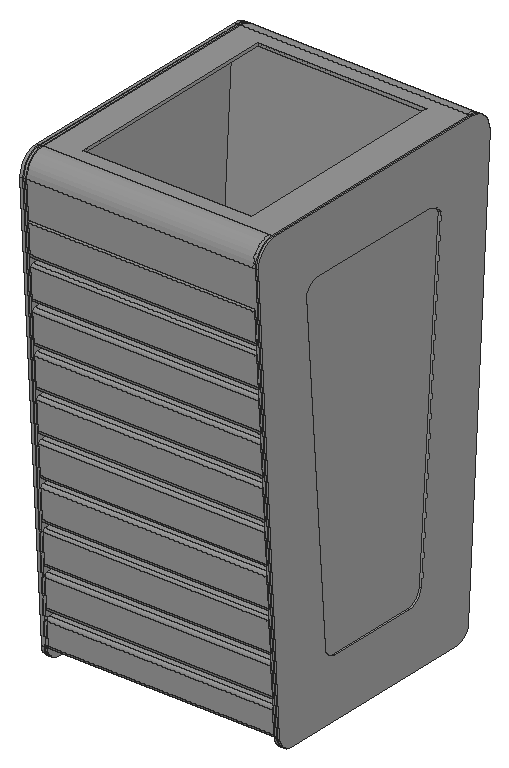
Revit family "Урна «Лонг» Арт 14163", category Антураж, Revit 2018
Family settings
  На основе рабочей плоскости = Нет
  Всегда вертикально = Да
  При загрузке вырезать с полостями = Нет
  Источник визуального образа = Геометрия семейства
  Общий = Нет
  Точка расчета площади = Нет
Parameters (values of type "Урна «Лонг»")
  Ширина = 495 mm  # constant formula
  Цвет урны = Сталь
  Цвет отделки = Дерево
  Описание = "Урна «Лонг»"  # constant formula
  Материал изделия = "Сталь, дерево"  # constant formula
  Изображение типоразмера = Урна «Лонг» Арт 14163.jpg
  Изготовитель = "ООО «Хоббика»"  # constant formula
  Длина = 410 mm  # constant formula
  Группа модели = "Уличные урны"  # constant formula
  Высота = 800 mm  # constant formula
  Артикул товара = "Арт. 14163"  # constant formula
  URL = "https://hobbyka.ru/product/urna_long/"
Reference planes
  plane 1 "По центру (Вперед/Назад)": y = 0
  plane 2: z = 0
  plane 3 "По центру (Влево/Вправо)": x = 0
  plane 4: x = 410
  plane 5: y = 495
  plane 6: z = 800
Forms (mm)
  Extrusion 1, solid, material "Сталь" <- "Цвет урны"
    sketch origin (0, 0, 0) x (0, 1, 0) y (0, 0, 1)
      loop
        line (460, 800) -> (35, 800)
        arc (35, 800) -> (10.251, 789.749) -> (0, 765) r 35
        line (0, 765) -> (45.792, 21.812)
        arc (45.792, 21.812) -> (54.001, 6.235) -> (70.469, 0) r 24.864
        line (70.469, 0) -> (424.531, 0)
        arc (424.531, 0) -> (440.999, 6.235) -> (449.208, 21.812) r 24.864
        line (449.208, 21.812) -> (495, 765)
        arc (495, 765) -> (484.749, 789.749) -> (460, 800) r 35
    from 5 to 10
  Extrusion 2, solid, material "Сталь" <- "Цвет урны"
    sketch origin (0, 0, 0) x (0, 1, 0) y (0, 0, 1)
      loop
        arc (45.792, 21.812) -> (54.001, 6.235) -> (70.469, 0) r 24.864
        line (70.469, 0) -> (424.531, 0)
        arc (424.531, 0) -> (440.999, 6.235) -> (449.208, 21.812) r 24.864
        line (449.208, 21.812) -> (495, 765)
        arc (495, 765) -> (484.749, 789.749) -> (460, 800) r 35
        line (460, 800) -> (35, 800)
        arc (35, 800) -> (10.251, 789.749) -> (0, 765) r 35
        line (0, 765) -> (45.792, 21.812)
      loop
        arc (140.792, 121.812) -> (149.001, 106.235) -> (165.469, 100) r 24.864
        line (165.469, 100) -> (324.531, 100)
        arc (324.531, 100) -> (340.999, 106.235) -> (349.208, 121.812) r 24.864
        line (349.208, 121.812) -> (389.954, 683.104)
        arc (389.954, 683.104) -> (377.195, 695.485) -> (360, 700) r 35
        line (360, 700) -> (130, 700)
        arc (130, 700) -> (112.805, 695.485) -> (100.046, 683.104) r 35
        line (100.046, 683.104) -> (140.792, 121.812)
    from 0 to 5
  Extrusion 3, solid, material "Сталь" <- "Цвет урны"
    sketch origin (410, 0, 0) x (0, 1, 0) y (0, 0, -1)
      loop
        arc (460, -800) -> (484.749, -789.749) -> (495, -765) r 35
        line (495, -765) -> (449.208, -21.812)
        arc (449.208, -21.812) -> (440.999, -6.235) -> (424.531, 0) r 24.864
        line (424.531, 0) -> (70.469, 0)
        arc (70.469, 0) -> (54.001, -6.235) -> (45.792, -21.812) r 24.864
        line (45.792, -21.812) -> (0, -765)
        arc (0, -765) -> (10.251, -789.749) -> (35, -800) r 35
        line (35, -800) -> (460, -800)
    from 5 to 10
  Extrusion 4, solid, material "Сталь" <- "Цвет урны"
    sketch origin (410, 0, 0) x (0, 1, 0) y (0, 0, -1)
      loop
        line (45.792, -21.812) -> (0, -765)
        arc (0, -765) -> (10.251, -789.749) -> (35, -800) r 35
        line (35, -800) -> (460, -800)
        arc (460, -800) -> (484.749, -789.749) -> (495, -765) r 35
        line (495, -765) -> (449.208, -21.812)
        arc (449.208, -21.812) -> (440.999, -6.235) -> (424.531, 0) r 24.864
        line (424.531, 0) -> (70.469, 0)
        arc (70.469, 0) -> (54.001, -6.235) -> (45.792, -21.812) r 24.864
      loop
        line (140.792, -121.812) -> (100.046, -683.104)
        arc (100.046, -683.104) -> (112.805, -695.485) -> (130, -700) r 35
        line (130, -700) -> (360, -700)
        arc (360, -700) -> (377.195, -695.485) -> (389.954, -683.104) r 35
        line (389.954, -683.104) -> (349.208, -121.812)
        arc (349.208, -121.812) -> (340.999, -106.235) -> (324.531, -100) r 24.864
        line (324.531, -100) -> (165.469, -100)
        arc (165.469, -100) -> (149.001, -106.235) -> (140.792, -121.812) r 24.864
    from 0 to 5
  Extrusion 5, solid, material "Сталь" <- "Цвет урны"
    sketch origin (0, 0, 0) x (0, 1, 0) y (0, 0, 1)
      loop
        line (0, 765) -> (4.005, 700) -> (9.015, 700) -> (5, 765.148)
        arc (5, 765.148) -> (13.839, 786.265) -> (35, 795) r 30
        line (35, 795) -> (460, 795)
        arc (460, 795) -> (481.161, 786.265) -> (490, 765.148) r 30
        line (490, 765.148) -> (485.985, 700) -> (490.995, 700) -> (495, 765)
        arc (495, 765) -> (484.749, 789.749) -> (460, 800) r 35
        line (460, 800) -> (35, 800)
        arc (35, 800) -> (10.251, 789.749) -> (0, 765) r 35
    from 10 to 400
  Extrusion 6, void
    sketch origin (0, 0, 0) x (1, 0, 0) y (0, 1, 0)
      loop
        line (60, 435.985) -> (60, 59.015) -> (350, 59.015) -> (350, 435.985) -> (60, 435.985)
    from 795 to 800
  Extrusion 7, solid, material "Дерево" <- "Цвет отделки"
    sketch origin (0, 0, 0) x (0, 1, 0) y (0, 0, 1)
      loop
        line (23.986, 700.922) -> (9.015, 700)
        arc (9.015, 700) -> (5.576, 698.321) -> (4.332, 694.702) r 5
        line (4.332, 694.702) -> (7.406, 644.797)
        arc (7.406, 644.797) -> (9.086, 641.358) -> (12.705, 640.114) r 5
        line (12.705, 640.114) -> (27.676, 641.036) -> (23.986, 700.922)
      loop
        line (28.291, 631.055) -> (13.32, 630.133)
        arc (13.32, 630.133) -> (9.881, 628.453) -> (8.636, 624.834) r 5
        line (8.636, 624.834) -> (11.711, 574.929)
        arc (11.711, 574.929) -> (13.391, 571.49) -> (17.009, 570.246) r 5
        line (17.009, 570.246) -> (31.981, 571.169) -> (28.291, 631.055)
      loop
        line (32.596, 561.187) -> (17.624, 560.265)
        arc (17.624, 560.265) -> (14.186, 558.586) -> (12.941, 554.967) r 5
        line (12.941, 554.967) -> (16.016, 505.062)
        arc (16.016, 505.062) -> (17.696, 501.623) -> (21.314, 500.379) r 5
        line (21.314, 500.379) -> (36.286, 501.301) -> (32.596, 561.187)
      loop
        line (36.901, 491.32) -> (21.929, 490.398)
        arc (21.929, 490.398) -> (18.491, 488.718) -> (17.246, 485.099) r 5
        line (17.246, 485.099) -> (20.321, 435.194)
        arc (20.321, 435.194) -> (22.001, 431.755) -> (25.619, 430.511) r 5
        line (25.619, 430.511) -> (40.591, 431.434) -> (36.901, 491.32)
      loop
        line (41.206, 421.453) -> (26.234, 420.53)
        arc (26.234, 420.53) -> (22.796, 418.851) -> (21.551, 415.232) r 5
        line (21.551, 415.232) -> (24.626, 365.327)
        arc (24.626, 365.327) -> (26.306, 361.888) -> (29.924, 360.644) r 5
        line (29.924, 360.644) -> (44.896, 361.566) -> (41.206, 421.453)
      loop
        line (45.511, 351.585) -> (30.539, 350.663)
        arc (30.539, 350.663) -> (27.101, 348.983) -> (25.856, 345.364) r 5
        line (25.856, 345.364) -> (28.931, 295.459)
        arc (28.931, 295.459) -> (30.61, 292.02) -> (34.229, 290.776) r 5
        line (34.229, 290.776) -> (49.201, 291.699) -> (45.511, 351.585)
      loop
        line (49.816, 281.718) -> (34.844, 280.795)
        arc (34.844, 280.795) -> (31.406, 279.116) -> (30.161, 275.497) r 5
        line (30.161, 275.497) -> (33.236, 225.592)
        arc (33.236, 225.592) -> (34.915, 222.153) -> (38.534, 220.909) r 5
        line (38.534, 220.909) -> (53.506, 221.831) -> (49.816, 281.718)
      loop
        line (54.121, 211.85) -> (39.149, 210.928)
        arc (39.149, 210.928) -> (35.711, 209.248) -> (34.466, 205.629) r 5
        line (34.466, 205.629) -> (37.541, 155.724)
        arc (37.541, 155.724) -> (39.22, 152.285) -> (42.839, 151.041) r 5
        line (42.839, 151.041) -> (57.811, 151.964) -> (54.121, 211.85)
      loop
        line (58.426, 141.983) -> (43.454, 141.06)
        arc (43.454, 141.06) -> (40.016, 139.381) -> (38.771, 135.762) r 5
        line (38.771, 135.762) -> (41.846, 85.857)
        arc (41.846, 85.857) -> (43.525, 82.418) -> (47.144, 81.174) r 5
        line (47.144, 81.174) -> (62.116, 82.096) -> (58.426, 141.983)
      loop
        line (62.731, 72.115) -> (47.759, 71.193)
        arc (47.759, 71.193) -> (44.321, 69.513) -> (43.076, 65.894) r 5
        line (43.076, 65.894) -> (45.536, 25.97)
        arc (45.536, 25.97) -> (47.215, 22.531) -> (50.834, 21.287) r 5
        line (50.834, 21.287) -> (65.806, 22.21) -> (62.731, 72.115)
      loop
        line (471.014, 700.922) -> (467.324, 641.036) -> (482.295, 640.114)
        arc (482.295, 640.114) -> (485.914, 641.358) -> (487.594, 644.797) r 5
        line (487.594, 644.797) -> (490.668, 694.702)
        arc (490.668, 694.702) -> (489.424, 698.321) -> (485.985, 700) r 5
        line (485.985, 700) -> (471.014, 700.922)
      loop
        line (466.709, 631.055) -> (463.019, 571.169) -> (477.991, 570.246)
        arc (477.991, 570.246) -> (481.609, 571.49) -> (483.289, 574.929) r 5
        line (483.289, 574.929) -> (486.364, 624.834)
        arc (486.364, 624.834) -> (485.119, 628.453) -> (481.68, 630.133) r 5
        line (481.68, 630.133) -> (466.709, 631.055)
      loop
        line (462.404, 561.187) -> (458.714, 501.301) -> (473.686, 500.379)
        arc (473.686, 500.379) -> (477.304, 501.623) -> (478.984, 505.062) r 5
        line (478.984, 505.062) -> (482.059, 554.967)
        arc (482.059, 554.967) -> (480.814, 558.586) -> (477.376, 560.265) r 5
        line (477.376, 560.265) -> (462.404, 561.187)
      loop
        line (458.099, 491.32) -> (454.409, 431.434) -> (469.381, 430.511)
        arc (469.381, 430.511) -> (472.999, 431.755) -> (474.679, 435.194) r 5
        line (474.679, 435.194) -> (477.754, 485.099)
        arc (477.754, 485.099) -> (476.509, 488.718) -> (473.071, 490.398) r 5
        line (473.071, 490.398) -> (458.099, 491.32)
      loop
        line (453.794, 421.453) -> (450.104, 361.566) -> (465.076, 360.644)
        arc (465.076, 360.644) -> (468.694, 361.888) -> (470.374, 365.327) r 5
        line (470.374, 365.327) -> (473.449, 415.232)
        arc (473.449, 415.232) -> (472.204, 418.851) -> (468.766, 420.53) r 5
        line (468.766, 420.53) -> (453.794, 421.453)
      loop
        line (449.489, 351.585) -> (445.799, 291.699) -> (460.771, 290.776)
        arc (460.771, 290.776) -> (464.39, 292.02) -> (466.069, 295.459) r 5
        line (466.069, 295.459) -> (469.144, 345.364)
        arc (469.144, 345.364) -> (467.899, 348.983) -> (464.461, 350.663) r 5
        line (464.461, 350.663) -> (449.489, 351.585)
      loop
        line (445.184, 281.718) -> (441.494, 221.831) -> (456.466, 220.909)
        arc (456.466, 220.909) -> (460.085, 222.153) -> (461.764, 225.592) r 5
        line (461.764, 225.592) -> (464.839, 275.497)
        arc (464.839, 275.497) -> (463.594, 279.116) -> (460.156, 280.795) r 5
        line (460.156, 280.795) -> (445.184, 281.718)
      loop
        line (440.879, 211.85) -> (437.189, 151.964) -> (452.161, 151.041)
        arc (452.161, 151.041) -> (455.78, 152.285) -> (457.459, 155.724) r 5
        line (457.459, 155.724) -> (460.534, 205.629)
        arc (460.534, 205.629) -> (459.289, 209.248) -> (455.851, 210.928) r 5
        line (455.851, 210.928) -> (440.879, 211.85)
      loop
        line (436.574, 141.983) -> (432.884, 82.096) -> (447.856, 81.174)
        arc (447.856, 81.174) -> (451.475, 82.418) -> (453.154, 85.857) r 5
        line (453.154, 85.857) -> (456.229, 135.762)
        arc (456.229, 135.762) -> (454.984, 139.381) -> (451.546, 141.06) r 5
        line (451.546, 141.06) -> (436.574, 141.983)
      loop
        line (432.269, 72.115) -> (429.194, 22.21) -> (444.166, 21.287)
        arc (444.166, 21.287) -> (447.785, 22.531) -> (449.464, 25.97) r 5
        line (449.464, 25.97) -> (451.924, 65.894)
        arc (451.924, 65.894) -> (450.679, 69.513) -> (447.241, 71.193) r 5
        line (447.241, 71.193) -> (432.269, 72.115)
    from 10 to 400
  Extrusion 8, solid, material "Цинк"
    sketch origin (0, 0, 0) x (0, 1, 0) y (0, 0, 1)
      loop
        line (440.995, 795) -> (54.005, 795) -> (99.601, 55) -> (395.399, 55) -> (440.995, 795)
    from 10 to 400
  Extrusion 9, void
    sketch origin (0, 0, 0) x (0, 1, 0) y (0, 0, 1)
      loop
        line (438.991, 795) -> (56.009, 795) -> (101.482, 57) -> (393.518, 57) -> (438.991, 795)
    from 12 to 398
Cuts and joins
  Extrusion 9 cuts Extrusion 3
  Extrusion 6, Extrusion 9 cuts Extrusion 5
  joined: Extrusion 3, Extrusion 5
  Extrusion 9 cuts Extrusion 1
  Extrusion 9 cuts Extrusion 2
  Extrusion 9 cuts Extrusion 8
Lines and regions (mm)
  symbolic lines
    curve 1: line (0, 635, 0) -> (410, 635, 0)
    curve 2: line (205, 635, 0) -> (205, 735, 0)
Dimensions and locks
  "Длина": plane 3 "По центру (Влево/Вправо)" to plane 4
  "Ширина": plane 5 to plane 1 "По центру (Вперед/Назад)"
  "Высота": plane 6 to plane 2
  aligned and locked: level to plane 2
Automatic sketch dimensions
  curve 1 to plane 3 "По центру (Влево/Вправо)" = 0 mm
  curve 1 to plane 4 = 0 mm
  plane 5 to curve 1 = 140 mm
  plane 3 "По центру (Влево/Вправо)" to curve 2 = 205 mm
  curve 2 to curve 2 = 100 mm
  Extrusion 1 sketch curve to plane 1 "По центру (Вперед/Назад)" = 0 mm
  Extrusion 1 sketch curve to plane 6 = 0 mm
  Extrusion 1 sketch curve to level = 0 mm
  Extrusion 1 sketch curve to plane 5 = 0 mm
  Extrusion 1 sketch curve to plane 1 "По центру (Вперед/Назад)" = 35 mm
  level to Extrusion 1 sketch curve = 21.812 mm  (x2)
  Extrusion 1 sketch curve to plane 1 "По центру (Вперед/Назад)" = 45.792 mm
  Extrusion 1 sketch curve to Extrusion 1 sketch curve = 24.676 mm  (x2)
  Extrusion 1 sketch curve to plane 5 = 70.469 mm
  Extrusion 1 sketch curve to plane 5 = 35 mm
  Extrusion 2 sketch curve to plane 1 "По центру (Вперед/Назад)" = 0 mm
  Extrusion 2 sketch curve to plane 6 = 0 mm
  Extrusion 2 sketch curve to level = 0 mm
  Extrusion 2 sketch curve to plane 5 = 0 mm
  Extrusion 2 sketch curve to Extrusion 2 sketch curve = 35 mm
  level to Extrusion 2 sketch curve = 21.812 mm  (x2)
  Extrusion 2 sketch curve to plane 1 "По центру (Вперед/Назад)" = 45.792 mm
  Extrusion 2 sketch curve to Extrusion 2 sketch curve = 24.676 mm  (x4)
  Extrusion 2 sketch curve to plane 1 "По центру (Вперед/Назад)" = 100.046 mm
  Extrusion 2 sketch curve to Extrusion 2 sketch curve = 29.954 mm  (x2)
  Extrusion 2 sketch curve to Extrusion 2 sketch curve = 70.324 mm
  Extrusion 2 sketch curve to Extrusion 2 sketch curve = 159.063 mm
  Extrusion 2 sketch curve to plane 5 = 135 mm
  Extrusion 2 sketch curve to plane 5 = 70.469 mm
  Extrusion 2 sketch curve to plane 5 = 35 mm
  level to Extrusion 2 sketch curve = 100 mm
  Extrusion 2 sketch curve to Extrusion 2 sketch curve = 21.812 mm  (x2)
  Extrusion 2 sketch curve to plane 6 = 135 mm  (x2)
  Extrusion 2 sketch curve to Extrusion 2 sketch curve = 18.104 mm
  Extrusion 3 sketch curve to plane 1 "По центру (Вперед/Назад)" = 0 mm
  Extrusion 3 sketch curve to plane 6 = 0 mm
  Extrusion 3 sketch curve to level = 0 mm
  Extrusion 3 sketch curve to plane 5 = 0 mm
  Extrusion 3 sketch curve to plane 1 "По центру (Вперед/Назад)" = 35 mm
  level to Extrusion 3 sketch curve = 21.812 mm  (x2)
  Extrusion 3 sketch curve to plane 1 "По центру (Вперед/Назад)" = 45.792 mm
  Extrusion 3 sketch curve to Extrusion 3 sketch curve = 24.676 mm  (x2)
  Extrusion 3 sketch curve to plane 5 = 70.469 mm
  Extrusion 3 sketch curve to plane 5 = 35 mm
  Extrusion 4 sketch curve to plane 1 "По центру (Вперед/Назад)" = 0 mm
  Extrusion 4 sketch curve to plane 6 = 0 mm
  Extrusion 4 sketch curve to level = 0 mm
  Extrusion 4 sketch curve to plane 5 = 0 mm
  Extrusion 4 sketch curve to Extrusion 4 sketch curve = 35 mm
  level to Extrusion 4 sketch curve = 21.812 mm  (x2)
  Extrusion 4 sketch curve to plane 1 "По центру (Вперед/Назад)" = 45.792 mm
  Extrusion 4 sketch curve to Extrusion 4 sketch curve = 24.676 mm  (x4)
  Extrusion 4 sketch curve to plane 1 "По центру (Вперед/Назад)" = 100.046 mm
  Extrusion 4 sketch curve to Extrusion 4 sketch curve = 29.954 mm  (x2)
  Extrusion 4 sketch curve to Extrusion 4 sketch curve = 70.324 mm
  Extrusion 4 sketch curve to Extrusion 4 sketch curve = 159.063 mm
  Extrusion 4 sketch curve to plane 5 = 135 mm
  Extrusion 4 sketch curve to plane 5 = 70.469 mm
  Extrusion 4 sketch curve to plane 5 = 35 mm
  Extrusion 4 sketch curve to plane 6 = 100 mm
  Extrusion 4 sketch curve to Extrusion 4 sketch curve = 16.896 mm  (x2)
  level to Extrusion 4 sketch curve = 124.864 mm  (x2)
  Extrusion 4 sketch curve to Extrusion 4 sketch curve = 3.052 mm
  Extrusion 5 sketch curve to plane 1 "По центру (Вперед/Назад)" = 0 mm
  Extrusion 5 sketch curve to plane 6 = 0 mm
  Extrusion 5 sketch curve to plane 5 = 0 mm
  Extrusion 5 sketch curve to plane 1 "По центру (Вперед/Назад)" = 4.005 mm
  Extrusion 5 sketch curve to plane 5 = 4.005 mm
  Extrusion 5 sketch curve to plane 6 = 100 mm
  Extrusion 5 sketch curve to plane 6 = 5 mm
  Extrusion 5 sketch curve to Extrusion 5 sketch curve = 0 mm  (x4)
  Extrusion 5 sketch curve to plane 5 = 5 mm
  Extrusion 5 sketch curve to Extrusion 5 sketch curve = 0.148 mm  (x2)
  Extrusion 5 sketch curve to plane 1 "По центру (Вперед/Назад)" = 5 mm
  Extrusion 5 sketch curve to plane 5 = 485.985 mm
  Extrusion 5 sketch curve to plane 5 = 9.015 mm
  Extrusion 5 sketch curve to Extrusion 5 sketch curve = 65 mm
  plane 3 "По центру (Влево/Вправо)" to Extrusion 6 sketch curve = 60 mm
  Extrusion 6 sketch curve to plane 4 = 60 mm
  Extrusion 6 sketch curve to plane 1 "По центру (Вперед/Назад)" = 59.015 mm
  Extrusion 6 sketch curve to plane 5 = 59.015 mm
  Extrusion 7 sketch curve to plane 1 "По центру (Вперед/Назад)" = 4.332 mm
  Extrusion 7 sketch curve to plane 1 "По центру (Вперед/Назад)" = 7.406 mm
  Extrusion 7 sketch curve to plane 1 "По центру (Вперед/Назад)" = 8.636 mm
  Extrusion 7 sketch curve to Extrusion 7 sketch curve = 4.683 mm  (x29)
  Extrusion 7 sketch curve to Extrusion 7 sketch curve = 4.991 mm  (x39)
  Extrusion 7 sketch curve to plane 1 "По центру (Вперед/Назад)" = 11.711 mm
  Extrusion 7 sketch curve to Extrusion 7 sketch curve = 0.307 mm  (x30)
  Extrusion 7 sketch curve to plane 1 "По центру (Вперед/Назад)" = 12.941 mm
  Extrusion 7 sketch curve to plane 1 "По центру (Вперед/Назад)" = 16.016 mm
  Extrusion 7 sketch curve to plane 1 "По центру (Вперед/Назад)" = 17.246 mm
  Extrusion 7 sketch curve to plane 1 "По центру (Вперед/Назад)" = 20.321 mm
  Extrusion 7 sketch curve to Extrusion 7 sketch curve = 1.23 mm  (x6)
  Extrusion 7 sketch curve to Extrusion 7 sketch curve = 14.972 mm  (x12)
  Extrusion 7 sketch curve to plane 1 "По центру (Вперед/Назад)" = 24.626 mm
  Extrusion 7 sketch curve to Extrusion 7 sketch curve = 0.615 mm  (x27)
  Extrusion 7 sketch curve to plane 1 "По центру (Вперед/Назад)" = 28.931 mm
  Extrusion 7 sketch curve to plane 1 "По центру (Вперед/Назад)" = 33.236 mm
  Extrusion 7 sketch curve to plane 1 "По центру (Вперед/Назад)" = 37.541 mm
  Extrusion 7 sketch curve to plane 1 "По центру (Вперед/Назад)" = 41.846 mm
  Extrusion 7 sketch curve to Extrusion 7 sketch curve = 2.46 mm
  level to Extrusion 7 sketch curve = 21.287 mm  (x2)
  level to Extrusion 7 sketch curve = 22.21 mm  (x2)
  Extrusion 7 sketch curve to plane 5 = 65.806 mm
  Extrusion 7 sketch curve to Extrusion 7 sketch curve = 3.075 mm
  Extrusion 7 sketch curve to plane 5 = 58.426 mm
  Extrusion 7 sketch curve to plane 5 = 54.121 mm
  Extrusion 7 sketch curve to plane 5 = 49.816 mm
  Extrusion 7 sketch curve to Extrusion 7 sketch curve = 14.664 mm  (x8)
  level to Extrusion 7 sketch curve = 25.97 mm
  Extrusion 7 sketch curve to plane 5 = 45.511 mm
  Extrusion 7 sketch curve to plane 5 = 41.206 mm
  Extrusion 7 sketch curve to plane 5 = 36.901 mm
  Extrusion 7 sketch curve to plane 5 = 32.596 mm
  Extrusion 7 sketch curve to plane 5 = 28.291 mm
  Extrusion 7 sketch curve to plane 5 = 23.986 mm
  Extrusion 7 sketch curve to plane 5 = 13.627 mm
  Extrusion 7 sketch curve to plane 5 = 9.322 mm
  Extrusion 7 sketch curve to plane 5 = 4.332 mm
  Extrusion 7 sketch curve to Extrusion 7 sketch curve = 5.298 mm  (x20)
  Extrusion 7 sketch curve to Extrusion 7 sketch curve = 9.981 mm  (x36)
  Extrusion 8 sketch curve to plane 6 = 5 mm
  Extrusion 8 sketch curve to plane 1 "По центру (Вперед/Назад)" = 54.005 mm
  Extrusion 8 sketch curve to plane 5 = 54.005 mm
  Extrusion 8 sketch curve to plane 1 "По центру (Вперед/Назад)" = 99.601 mm
  Extrusion 8 sketch curve to plane 5 = 99.601 mm
  level to Extrusion 8 sketch curve = 55 mm
  Extrusion 9 sketch curve to plane 6 = 5 mm
  Extrusion 9 sketch curve to plane 1 "По центру (Вперед/Назад)" = 56.009 mm
  Extrusion 9 sketch curve to plane 1 "По центру (Вперед/Назад)" = 101.482 mm
  Extrusion 9 sketch curve to plane 5 = 101.482 mm
  Extrusion 9 sketch curve to plane 5 = 56.009 mm
  level to Extrusion 9 sketch curve = 57 mm
